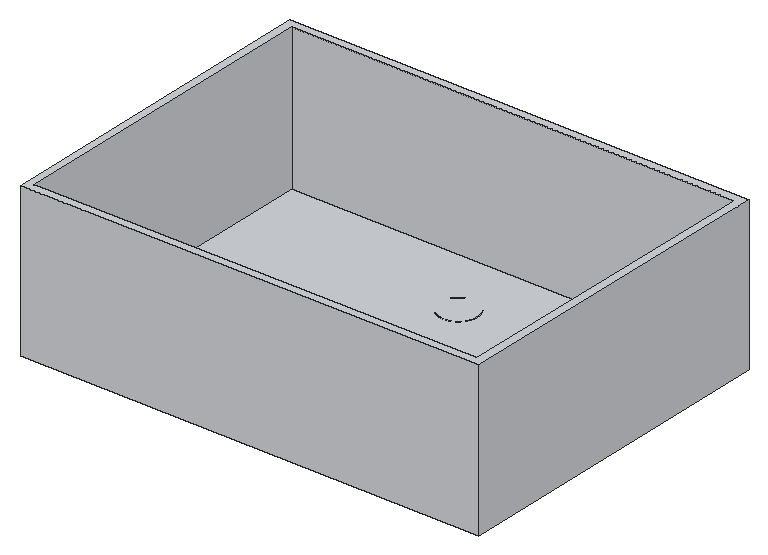
Revit family "M_Pia - Esfregar chão", category Peças hidrossanitárias, Revit 2019
Family settings
  Cota do conector redondo = Usar raio
  Tipo de parte = Normal
  Número OmniClass = 23.45.05.14.14
  Título OmniClass = Sinks/Lavatories
  ID de item do Seek = Sink - Scrub Floor-0000-CAN-ENU
  Com base no plano de trabalho = Não
  Sempre na vertical = Sim
  Corte com vazios quando carregada = Não
  Compartilhado = Não
  Ponto de cálculo do ambiente = Não
Parameters (values of type "760 mmx560 mm")
  WFU = 2
  Largura da pia = 560 mm
  Material da pia = none
  Comprimento da pia = 760 mm
  Profundidade da pia = 241 mm
  Raio do sanitário = 32.5 mm
  Diâmetro do sanitário = 2 * Raio do sanitário  # 65 mm
  HWFU = 0
  CWFU = 0
Reference planes
  plane 1 "Centro (Frente/Trás)": y = 0
  plane 2: z = 0
  plane 3 "Centro (Esquerda/Direita)": x = 0
  plane 4: x = -380
  plane 5: x = 380
  plane 6: y = -560
  plane 7: z = 12.7
  plane 8: z = 253.7
  plane 9: y = -12.7
  plane 10: x = -367.3
  plane 11: x = 367.3
  plane 12: y = -547.3
  plane 13: y = -127
Forms (mm)
  Extrusion 1, solid, material <- "Material da pia"
    sketch origin (0, 0, 0) x (1, 0, 0) y (0, 1, 0)
      loop
        line (-380, 0) -> (-380, -560) -> (380, -560) -> (380, 0) -> (-380, 0)
    from 0 to 253.7
  Extrusion 2, void
    sketch origin (0, 0, 0) x (1, 0, 0) y (0, 1, 0)
      loop
        line (-367.3, -12.7) -> (-367.3, -547.3) -> (367.3, -547.3) -> (367.3, -12.7) -> (-367.3, -12.7)
    from 12.7 to 253.7
  Extrusion 3, solid, material <- "Material da pia"
    sketch origin (0, 0, 0) x (1, 0, 0) y (0, 1, 0)
      loop
        circle (0, -127) r 31.75
    from 0 to 12.7
Cuts and joins
  Extrusion 2 cuts Extrusion 1
Dimensions and locks
  equal spacing: plane 4, plane 3 "Centro (Esquerda/Direita)", plane 5
  "Comprimento da pia": plane 4 to plane 5
  "Largura da pia": plane 1 "Centro (Frente/Trás)" to plane 6
  locked: plane 7 to plane 2 at 12.7
  "Profundidade da pia": plane 8 to plane 7
  locked: plane 9 to plane 1 "Centro (Frente/Trás)" at 12.7
  locked: plane 4 to plane 10 at 12.7
  locked: plane 12 to plane 6 at 12.7
  locked: plane 11 to plane 5 at 12.7
  locked: plane 1 "Centro (Frente/Trás)" to plane 13 at 127
  radius of Extrusion 3 sketch curve = 31.75 mm
  aligned and locked: plane 4 to Extrusion 1 sketch curve
  aligned and locked: plane 1 "Centro (Frente/Trás)" to Extrusion 1 sketch curve
  aligned and locked: plane 6 to Extrusion 1 sketch curve
  aligned and locked: Extrusion 1 sketch curve to plane 5
  aligned and locked: Extrusion 1 to plane 2
  aligned and locked: plane 8 to Extrusion 1
  aligned and locked: plane 10 to Extrusion 2 sketch curve
  aligned and locked: plane 9 to Extrusion 2 sketch curve
  aligned and locked: plane 12 to Extrusion 2 sketch curve
  aligned and locked: plane 11 to Extrusion 2 sketch curve
  aligned and locked: Extrusion 2 to plane 7
  aligned and locked: plane 8 to Extrusion 2
  aligned and locked: plane 13 to Extrusion 3 sketch curve
  aligned and locked: plane 3 "Centro (Esquerda/Direita)" to Extrusion 3 sketch curve
  aligned and locked: Extrusion 3 to plane 2
  aligned and locked: plane 7 to Extrusion 3
Connectors
  piping at (0, -127, 0), diameter 65, driven by "Raio do sanitário", driven by "WFU"
    settings: on Extrusion 3, index 1, connector inside diameter 65 mm, connector length 0 mm, flow factor 0, pipe flow 0.0 L/s, pressure drop 0.0 Pa, fitting loss kfactor 0, connector angle 0.00°, fixture units 2, engagement length 0 mm, angle of deflection 0.00°, flow configuration 3, flow direction 2, fitting loss method 0, system type 16, joint type 0, gender type 0, connector reference index -1, connector utility 0, adjustable connector no, is connector primary yes, connector description "Saída"
